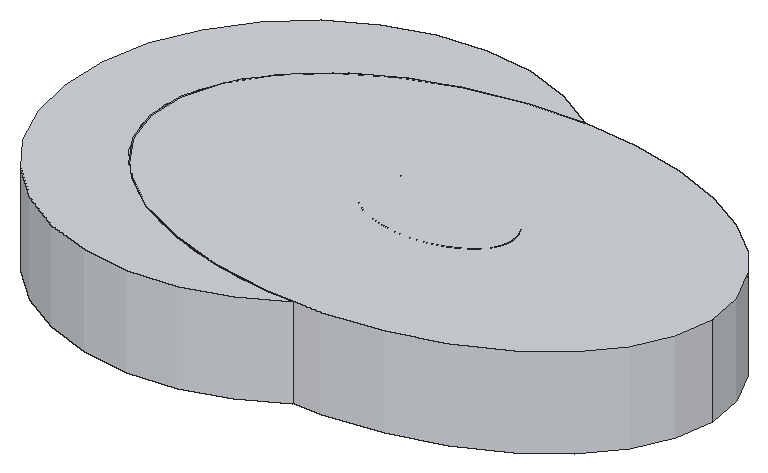
Revit family "電線管用ファミリ(片側のみ)_4", category Electrical Fixtures, Revit 2022
Family settings
  Round Connector Dimension = Use Diameter
  Part Type = Normal
  OmniClass Number = 23.80.00.00
  OmniClass Title = Electric Power and Lighting
  Work Plane-Based = No
  Always vertical = Yes
  Cut with Voids When Loaded = No
  Maintain Annotation Orientation = No
  Shared = No
  Room Calculation Point = No
Parameters
  W [instance] = 300 mm
  In W [instance] = 80 mm
  In D [instance] = 50 mm
  Default Elevation = 0 mm
  D [instance] = 200 mm
Reference planes
  plane 1 "Center (Front/Back)": y = 0
  plane 2: z = 0
  plane 3 "Center (Left/Right)": x = 0
  plane 4: x = -150
  plane 5: x = 150
  plane 6: y = 100
  plane 7: y = -100
  plane 8: z = 50
  plane 9: y = 25
  plane 10: y = -25
  plane 11: x = -40
  plane 12: x = 40
Forms (mm)
  Extrusion 1, solid
    sketch origin (0, 0, 0) x (1, 0, 0) y (0, 1, 0)
      loop
        spline (150, 0) -> (144.889, 25.882) -> (129.904, 50) -> (106.066, 70.711) -> (75, 86.603) -> (38.823, 96.593) -> (0, 100) -> (-38.823, 96.593) -> (-75, 86.603) -> (-106.066, 70.711) -> (-129.904, 50) -> (-144.889, 25.882) -> (-150, 0)
        spline (-150, 0) -> (-144.889, -25.882) -> (-129.904, -50) -> (-106.066, -70.711) -> (-75, -86.603) -> (-38.823, -96.593) -> (0, -100) -> (38.823, -96.593) -> (75, -86.603) -> (106.066, -70.711) -> (129.904, -50) -> (144.889, -25.882) -> (150, 0)
    from 0 to 50
  Extrusion 2, solid
    sketch origin (0, 0, 0) x (1, 0, 0) y (0, 1, 0)
      loop
        spline (-40, 0) -> (-38.637, -6.47) -> (-34.641, -12.5) -> (-28.284, -17.678) -> (-20, -21.651) -> (-10.353, -24.148) -> (0, -25) -> (10.353, -24.148) -> (20, -21.651) -> (28.284, -17.678) -> (34.641, -12.5) -> (38.637, -6.47) -> (40, 0)
        spline (40, 0) -> (38.637, 6.47) -> (34.641, 12.5) -> (28.284, 17.678) -> (20, 21.651) -> (10.353, 24.148) -> (0, 25) -> (-10.353, 24.148) -> (-20, 21.651) -> (-28.284, 17.678) -> (-34.641, 12.5) -> (-38.637, 6.47) -> (-40, 0)
    from 0 to 50
  Extrusion 3, solid
    sketch origin (0, 0, 0) x (1, 0, 0) y (0, 1, 0)
      loop
        spline (0, 100) -> (-38.823, 96.593) -> (-75, 86.603) -> (-106.066, 70.711) -> (-129.904, 50) -> (-144.889, 25.882) -> (-150, 0) -> (-144.889, -25.882) -> (-129.904, -50) -> (-106.066, -70.711) -> (-75, -86.603) -> (-38.823, -96.593) -> (0, -100)
        arc (0, -100) -> (-194.956, 0) -> (0, 100) r 123.125
    from 0 to 50
Dimensions and locks
  equal spacing: plane 4, plane 3 "Center (Left/Right)", plane 5
  "W": plane 4 to plane 5
  equal spacing: plane 6, plane 1 "Center (Front/Back)", plane 7
  "D": plane 6 to plane 7
  equal spacing: plane 9, plane 1 "Center (Front/Back)", plane 10
  "In D": plane 9 to plane 10
  equal spacing: plane 11, plane 3 "Center (Left/Right)", plane 12
  "In W": plane 11 to plane 12
  aligned and locked: level to plane 2
  aligned and locked: Extrusion 1 to Extrusion 2
Automatic sketch dimensions
  plane 1 "Center (Front/Back)" to Extrusion 1 sketch curve = 0 mm
  Extrusion 1 sketch curve to plane 3 "Center (Left/Right)" = 0 mm
  Extrusion 1 sketch curve to plane 5 = 0 mm
  plane 1 "Center (Front/Back)" to Extrusion 2 sketch curve = 0 mm
  Extrusion 2 sketch curve to plane 11 = 0 mm
  Extrusion 2 sketch curve to plane 3 "Center (Left/Right)" = 0 mm
  plane 1 "Center (Front/Back)" to Extrusion 3 sketch curve = 0 mm
  Extrusion 3 sketch curve to plane 3 "Center (Left/Right)" = 0 mm
  Extrusion 3 sketch curve to plane 7 = 0 mm
  Extrusion 3 sketch curve to plane 11 = 31.831 mm
Connectors
  cabletrayconduit at (0, 0, 50), diameter 16
    settings: on Extrusion 2, index 1, connector width 300 mm, connector height 300 mm, connector angle 0.00°, system type 32, placement type 0, profile type 0, connector reference index -1, is primary connector yes, connector utility param no, connector description ""
